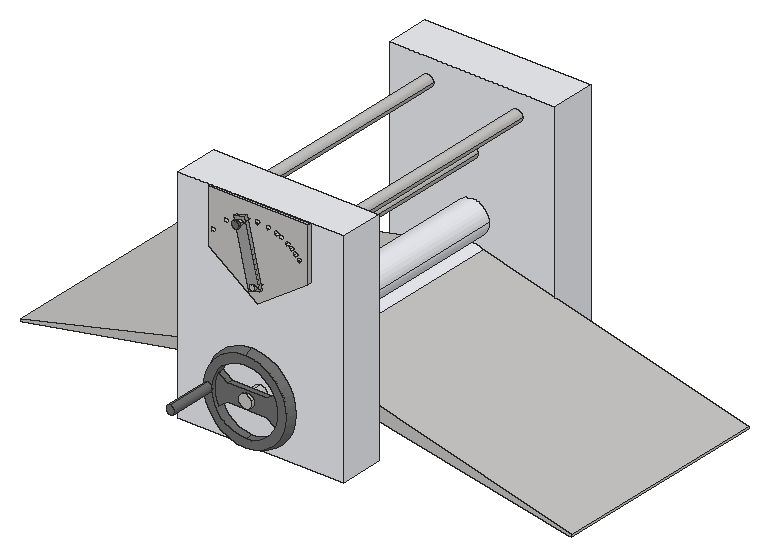
Revit family "QF_ELECTROLUXPROFESSIONAL_603531_LMP400", category Specialty Equipment, Revit 2018
Family settings
  Round Connector Dimension = Use Diameter
  Part Type = Normal
  Work Plane-Based = No
  Always vertical = Yes
  Cut with Voids When Loaded = No
  Shared = No
  Room Calculation Point = No
Parameters
  Weight = 35.00 kg
  Watts = 0 W
  Volts = 0 V
  URL Manufacturer = ""
  URL = ""
  Steam Supply Size = 0 mm
  Steam Supply Minimum Pressure = 0.0 Pa
  Steam Supply Maximum Pressure = 0.0 Pa
  Steam Pounds per Hour = 0
  Refrigeration Suction Line Size = 0 mm
  Refrigeration Liquid Line Size = 0 mm
  Refrigerant Compressor Remote = yes
  Manufacturer = ""
  Phase = 0
  Model = ""
  Length Actual = 1000 mm  # constant formula
  Item Number = ""
  Hot Water Size = 0 mm
  Height Actual = 400 mm  # constant formula
  HP = ""
  Gas Size = 0 mm
  Gas KW = 0
  Gas Input Pressure = 0 W
  Direct Waste Size = 0 mm
  Description = ""
  Depth Actual = 680 mm  # constant formula
  Cycle = 0 Hz
  Condensate Return Size = 0 mm
  Compressed Air Volume = 0.0 L/s
  Compressed Air Size = 0 mm
  Compressed Air Pressure = 0.0 Pa
  Cold Water Size = 0 mm
  Accessory = yes
Types (2, lengths in mm): name | URL Manufacturer | URL | Manufacturer | Model | Item Number | HP | Description
  (no name) | "" | "" | "" | "" | "" | "" | ""
  QF_ELECTROLUX_603531_LMP400 | "http://professional.electrolux.com" | "http://professional.electrolux.com" | "Electrolux" | "LMP400" | "603531" | "0 HP" | "HAND DOUGH SHEETER-REMOV.S/S FLAPS-400MM"
Reference planes
  plane 1 "Center (Front/Back)": y = 0
  plane 2: z = 0
  plane 3 "Center (Left/Right)": x = 0
  plane 4 "TOP": z = 400
  plane 5 "BACK": y = 280
  plane 6 "LEFT": x = -150
  plane 7 "RIGHT": x = 150
  plane 8 "FRONT": y = -400
Forms (mm)
  Extrusion 1, solid, material "QF_Finishes_White"
    sketch origin (0, 0, 0) x (1, 0, 0) y (0, 1, 0)
      loop
        line (150, 280) -> (-150, 280) -> (-150, 200) -> (150, 200) -> (150, 280)
      loop
        line (150, -280) -> (150, -200) -> (-150, -200) -> (-150, -280) -> (150, -280)
    from 0 to 400
  Extrusion 2, solid, material "QF_Finishes_Gray"
    sketch origin (-150, 12.55, 0) x (0, 1, 0) y (0, 0, 1)
      loop
        line (263.327, 58.711) -> (233.327, 58.711) -> (233.327, 8.711) -> (263.327, 8.711) -> (263.327, 58.711)
    from 0 to -1.6
  Extrusion 3, solid, material "QF_Finishes_Rubber Black"
    sketch origin (-150, 12.55, 0) x (0, 1, 0) y (0, 0, 1)
      loop
        circle (248.454, 34.755) r 8.44
    from 0 to -3.809
  Extrusion 4, solid, material "QF_Finishes_Rubber Black"
    sketch origin (-150, 12.55, 0) x (0, 1, 0) y (0, 0, 1)
      loop
        line (252.454, 46.314) -> (244.454, 46.314) -> (244.454, 16.314) -> (252.454, 16.314) -> (252.454, 46.314)
    from 0 to -8.342
  Extrusion 5, solid, material "QF_Finishes_Stainless Steel"
    sketch origin (-150, 32.851, 0) x (0, 1, 0) y (0, 0, 1)
      loop
        circle (184.907, 25.948) r 13.612
      loop
        circle (184.907, 25.948) r 10
    from 0 to -1.6
  Extrusion 6, solid, material "QF_Finishes_Stainless Steel"
    sketch origin (-150, 32.851, 0) x (0, 1, 0) y (0, 0, 1)
      loop
        circle (184.907, 25.948) r 10
    from -3.809 to 0
  Extrusion 7, solid, material "QF_Finishes_Stainless Steel"
    sketch origin (0, -400, 0) x (0, 0, -1) y (-1, 0, 0)
      loop
        line (-240, 0) -> (-303.093, 90.107) -> (-400, 90.107) -> (-400, -90.107) -> (-303.093, -90.107) -> (-240, 0)
      loop
        circle (-333.078, 80.372) r 4
      loop
        circle (-356.191, 57.259) r 4
      loop
        circle (-365.961, 37.229) r 4
      loop
        circle (-370.5, 22.708) r 4
      loop
        circle (-373.093, 0) r 4
      loop
        circle (-371.13, -19.792) r 4
      loop
        circle (-366.871, -34.852) r 4
      loop
        circle (-363.386, -43.143) r 4
      loop
        circle (-356.785, -54.948) r 4
      loop
        circle (-351.792, -62.079) r 4
      loop
        circle (-344.721, -69.15) r 4
      loop
        circle (-337.65, -76.221) r 4
      loop
        circle (-272.37, 0) r 5
    from 114 to 120
  Extrusion 8, solid, material "QF_Finishes_Stainless Steel"
    sketch origin (0, 0, 0) x (1, 0, 0) y (0, 0, 1)
      loop
        line (-500, 2.144) -> (-500, 0) -> (-495.019, 0) -> (-32.696, 88.038)
        arc (-32.696, 88.038) -> (-31.789, 106.71) -> (-21.047, 122.009) r 33.606
        line (-21.047, 122.009) -> (-500, 2.144)
      loop
        line (500, 2.144) -> (21.047, 122.009)
        arc (21.047, 122.009) -> (31.789, 106.71) -> (32.696, 88.038) r 33.606
        line (32.696, 88.038) -> (495.019, 0) -> (500, 0) -> (500, 2.144)
    from -200 to 200
  Extrusion 9, solid, material "QF_Finishes_Stainless Steel"
    sketch origin (0, -280, 0) x (-1, 0, 0) y (0, 0, 1)
      loop
        circle (0, 273.767) r 10
      loop
        circle (80.854, 361.107) r 10
      loop
        circle (-80.854, 361.107) r 10
    from 80 to 480
  Extrusion 10, solid, material "QF_Finishes_Gray"
    sketch origin (0, -400, 0) x (0, 0, -1) y (-1, 0, 0)
      loop
        line (-267.899, -11.299) -> (-263.39, 8.186) -> (-377.284, 34.542) -> (-381.793, 15.057) -> (-267.899, -11.299)
      loop
        circle (-370.5, 22.708) r 4
      loop
        circle (-272.37, 0) r 5
    from 103 to 108
  Extrusion 11, solid, material "QF_Finishes_Stainless Steel"
    sketch origin (0, -400, 0) x (0, 0, -1) y (-1, 0, 0)
      loop
        circle (-272.37, 0) r 5
    from 120 to 100.7
  Extrusion 12, solid, material "QF_Finishes_Rubber Black"
    sketch origin (0, -400, 0) x (0, 0, -1) y (-1, 0, 0)
      loop
        circle (-370.5, 22.708) r 6.807
    from 91.374 to 93.608
  Blend 13, solid, material "QF_Finishes_Rubber Black"
    base sketch origin (0, -400, 0) x (0, 0, -1) y (-1, 0, 0)
      loop
        circle (-94.156, 0) r 80
    top sketch origin (0, -400, 0) x (0, 0, -1) y (-1, 0, 0)
      loop
        circle (-94.156, 0) r 75
    from 100 to 85
  Extrusion 14, void
    sketch origin (0, -400, 0) x (0, 0, -1) y (-1, 0, 0)
      loop
        circle (-94.156, 0) r 60
    from 85 to 100
  Extrusion 15, solid, material "QF_Finishes_Rubber Black"
    sketch origin (0, -400, 0) x (0, 0, -1) y (-1, 0, 0)
      loop
        circle (-94.156, 0) r 11.917
      loop
        line (-110.181, 35.63) -> (-110.181, -35.63) -> (-130.981, -65.337)
        arc (-130.981, -65.337) -> (-94.455, -74.999) -> (-57.852, -65.628) r 75
        line (-57.852, -65.628) -> (-78.857, -35.63) -> (-78.857, 35.63) -> (-57.852, 65.628)
        arc (-57.852, 65.628) -> (-94.455, 74.999) -> (-130.981, 65.337) r 75
        line (-130.981, 65.337) -> (-110.181, 35.63)
    from 90 to 100
  Extrusion 16, solid, material "QF_Finishes_Rubber Black"
    sketch origin (0, -400, 0) x (0, 0, -1) y (-1, 0, 0)
      loop
        circle (-94.156, 67.5) r 7.753
    from 0 to 85
  Extrusion 17, solid, material "QF_Finishes_Stainless Steel"
    sketch origin (0, -400, 0) x (0, 0, -1) y (-1, 0, 0)
      loop
        circle (-94.156, 0) r 11.917
    from 85 to 120
  Extrusion 18, solid, material "QF_Finishes_White"
    sketch origin (0, -280, 0) x (-1, 0, 0) y (0, 0, 1)
      loop
        circle (0, 168.203) r 30
      loop
        circle (0, 97.276) r 30
    from 80 to 480
  Extrusion 19, solid, material "QF_Finishes_Stainless Steel"
    sketch origin (0, -280, 0) x (-1, 0, 0) y (0, 0, 1)
      loop
        circle (22.708, 370.5) r 4
    from 0 to -26.392
Cuts and joins
  Extrusion 14 cuts Extrusion 1
  Extrusion 14 cuts Extrusion 8
  Extrusion 14 cuts Extrusion 9
  Extrusion 14 cuts Blend 13
Lines and regions (mm)
  symbolic lines
    curve 1: line (-150, -200, 0) -> (150, -200, 0)
    curve 2: line (-150, -280, 0) -> (-150, -200, 0)
    curve 3: line (150, -280, 0) -> (-150, -280, 0)
    curve 4: line (150, -200, 0) -> (150, -280, 0)
    curve 5: line (-75.253, -315, 0) -> (75, -315, 0)
    curve 6: line (-75.253, -400, 0) -> (-75.253, -315, 0)
    curve 7: line (-59.747, -400, 0) -> (-75.253, -400, 0)
    curve 8: line (-59.747, -315, 0) -> (-59.747, -400, 0)
    curve 9: line (-29.515, -308.626, 0) -> (-15.9, -308.626, 0)
    curve 10: line (-29.515, -306.392, 0) -> (-29.515, -308.626, 0)
    curve 11: line (-15.9, -306.392, 0) -> (-29.515, -306.392, 0)
    curve 12: line (-15.9, -308.626, 0) -> (-15.9, -306.392, 0)
    curve 13: line (-34.542, -297, 0) -> (11.299, -297, 0)
    curve 14: line (-34.542, -292, 0) -> (-34.542, -297, 0)
    curve 15: line (11.299, -292, 0) -> (-34.542, -292, 0)
    curve 16: line (11.299, -297, 0) -> (11.299, -292, 0)
    curve 17: line (-150, 280, 0) -> (150, 280, 0)
    curve 18: line (-150, 200, 0) -> (-150, 280, 0)
    curve 19: line (150, 200, 0) -> (-150, 200, 0)
    curve 20: line (150, 280, 0) -> (150, 200, 0)
    curve 21: line (-158.342, 265.003, 0) -> (-151.6, 265.003, 0)
    curve 22: line (-158.342, 257.003, 0) -> (-158.342, 265.003, 0)
    curve 23: line (-151.6, 257.003, 0) -> (-158.342, 257.003, 0)
    curve 24: line (-151.6, 275.877, 0) -> (-151.6, 245.877, 0)
    curve 25: line (-153.809, 207.758, 0) -> (-153.809, 227.758, 0)
    curve 26: line (-153.809, 227.758, 0) -> (-151.6, 227.758, 0)
    curve 27: line (-153.809, 207.758, 0) -> (-151.6, 207.758, 0)
    curve 28: line (-151.6, 204.146, 0) -> (-151.6, 231.37, 0)
    curve 29: line (-151.6, 231.37, 0) -> (-150, 231.37, 0)
    curve 30: line (-151.6, 204.146, 0) -> (-150, 204.146, 0)
    curve 31: line (-151.6, 275.877, 0) -> (-150, 275.877, 0)
    curve 32: line (-151.6, 245.877, 0) -> (-150, 245.877, 0)
    curve 33: line (-153.809, 269.444, 0) -> (-151.6, 269.444, 0)
    curve 34: line (-153.809, 252.563, 0) -> (-151.6, 252.563, 0)
    curve 35: line (-90.107, -280, 0) -> (-90.107, -286, 0)
    curve 36: line (-90.107, -286, 0) -> (90.107, -286, 0)
    curve 37: line (90.107, -286, 0) -> (90.107, -280, 0)
    curve 38: line (75, -315, 0) -> (80, -300, 0)
    curve 39: line (80, -300, 0) -> (-18.715, -300, 0)
    curve 40: line (-26.83, -300, 0) -> (-80, -300, 0)
    curve 41: line (-80, -300, 0) -> (-75.253, -315, 0)
    curve 42: line (-26.83, -306.392, 0) -> (-26.83, -297, 0)
    curve 43: line (-18.715, -306.392, 0) -> (-18.715, -297, 0)
    curve 44: line (-11.885, -300, 0) -> (-11.885, -297, 0)
    curve 45: line (-5, -299.3, 0) -> (-5, -297, 0)
    curve 46: line (5, -299.3, 0) -> (5, -297, 0)
    curve 47: line (5, -299.3, 0) -> (-5, -299.3, 0)
    curve 48: line (-26.83, -292, 0) -> (-26.83, -286, 0)
    curve 49: line (-18.715, -292, 0) -> (-18.715, -286, 0)
    curve 50: line (-5, -292, 0) -> (-5, -286, 0)
    curve 51: line (5, -292, 0) -> (5, -286, 0)
    curve 52: line (-11.887, -286, 0) -> (-11.887, -292, 0)
    curve 53: line (-15.057, -292, 0) -> (-15.057, -297, 0)
    curve 54: line (-90.852, -200, 0) -> (-90.852, 200, 0)
    curve 55: line (-70.852, -200, 0) -> (-70.852, 200, 0)
    curve 56: line (-30.045, -200, 0) -> (-30.045, 200, 0)
    curve 57: line (-10.045, -200, 0) -> (-10.045, 200, 0)
    curve 58: line (9.955, -200, 0) -> (9.955, 200, 0)
    curve 59: line (29.955, -200, 0) -> (29.955, 200, 0)
    curve 60: line (70.802, -200, 0) -> (70.802, 200, 0)
    curve 61: line (90.554, -200, 0) -> (90.554, 200, 0)
Dimensions and locks
  plane 4 "TOP" to level = 400 mm  (x2)
  equal spacing: plane 6 "LEFT", plane 3 "Center (Left/Right)", plane 7 "RIGHT"
  plane 6 "LEFT" to plane 7 "RIGHT" = 300 mm
  Extrusion 8 to Extrusion 8 = 1000 mm  (x2)
  plane 1 "Center (Front/Back)" to plane 5 "BACK" = 280 mm
  locked: cut or joined group of Extrusion 1, Extrusion 14 to cut or joined group of Extrusion 1, Extrusion 14 at 400
  locked: cut or joined group of Extrusion 1, Extrusion 14 to cut or joined group of Extrusion 1, Extrusion 14 at 80
  plane 5 "BACK" to plane 8 "FRONT" = 680 mm  (x2)
  cut or joined group of Extrusion 1, Extrusion 14 to plane 8 "FRONT" = 120 mm
  cut or joined group of Extrusion 1, Extrusion 14 to cut or joined group of Extrusion 1, Extrusion 14 = 400 mm
  plane 5 "BACK" to plane 1 "Center (Front/Back)" to cut or joined group of Extrusion 1, Extrusion 14 = 280 mm, 280 mm
  plane 8 "FRONT" to cut or joined group of Extrusion 1, Extrusion 14 = 120 mm
  aligned and locked: level to plane 2
Automatic sketch dimensions
  Extrusion 8 sketch curve to Extrusion 8 sketch curve = 0 mm  (x3)
  Extrusion 8 sketch curve to level = 0 mm  (x2)
  Extrusion 8 sketch curve to plane 3 "Center (Left/Right)" = 0 mm
  Extrusion 8 sketch curve to plane 3 "Center (Left/Right)" = 21.047 mm
  Extrusion 8 sketch curve to plane 3 "Center (Left/Right)" = 32.696 mm
  Extrusion 8 sketch curve to plane 6 "LEFT" = 345.019 mm
  level to Extrusion 8 sketch curve = 2.144 mm
  Extrusion 8 sketch curve to Extrusion 8 sketch curve = 4.981 mm  (x2)
  plane 3 "Center (Left/Right)" to Extrusion 8 sketch curve = 21.047 mm
  plane 3 "Center (Left/Right)" to Extrusion 8 sketch curve = 32.696 mm
  Extrusion 8 sketch curve to plane 7 "RIGHT" = 345.019 mm
  Extrusion 8 sketch curve to Extrusion 8 sketch curve = 2.144 mm
  level to Extrusion 8 sketch curve = 88.038 mm
  Extrusion 8 sketch curve to Extrusion 8 sketch curve = 7.771 mm
  Extrusion 9 sketch curve to plane 3 "Center (Left/Right)" = 0 mm
  plane 7 "RIGHT" to Extrusion 9 sketch curve = 69.146 mm
  plane 6 "LEFT" to Extrusion 9 sketch curve = 69.146 mm
  Extrusion 9 sketch curve to plane 4 "TOP" = 38.893 mm  (x2)
  Extrusion 18 sketch curve to plane 3 "Center (Left/Right)" = 0 mm  (x2)
  level to Extrusion 18 sketch curve = 97.276 mm
  Extrusion 18 sketch curve to Extrusion 18 sketch curve = 70.926 mm
  Extrusion 9 sketch curve to Extrusion 9 sketch curve = 87.341 mm
  Extrusion 7 sketch curve to plane 4 "TOP" = 0 mm
  Extrusion 7 sketch curve to plane 3 "Center (Left/Right)" = 0 mm  (x3)
  Extrusion 7 sketch curve to plane 4 "TOP" = 26.907 mm
  Extrusion 7 sketch curve to Extrusion 7 sketch curve = 1.964 mm
  Extrusion 7 sketch curve to Extrusion 7 sketch curve = 2.593 mm
  Extrusion 7 sketch curve to Extrusion 7 sketch curve = 4.258 mm
  Extrusion 7 sketch curve to Extrusion 7 sketch curve = 4.54 mm
  Extrusion 7 sketch curve to Extrusion 7 sketch curve = 3.486 mm
  Extrusion 7 sketch curve to Extrusion 7 sketch curve = 6.601 mm
  Extrusion 7 sketch curve to Extrusion 7 sketch curve = 9.769 mm
  Extrusion 7 sketch curve to Extrusion 7 sketch curve = 4.993 mm
  Extrusion 7 sketch curve to Extrusion 7 sketch curve = 7.071 mm  (x4)
  Extrusion 7 sketch curve to Extrusion 7 sketch curve = 23.113 mm  (x2)
  Extrusion 7 sketch curve to Extrusion 7 sketch curve = 34.557 mm
  Extrusion 7 sketch curve to Extrusion 7 sketch curve = 29.985 mm
  Extrusion 7 sketch curve to Extrusion 7 sketch curve = 30.723 mm
  Extrusion 7 sketch curve to Extrusion 7 sketch curve = 32.37 mm
  plane 3 "Center (Left/Right)" to Extrusion 7 sketch curve = 19.792 mm
  Extrusion 7 sketch curve to Extrusion 7 sketch curve = 15.06 mm
  Extrusion 7 sketch curve to Extrusion 7 sketch curve = 8.291 mm
  Extrusion 7 sketch curve to Extrusion 7 sketch curve = 11.805 mm
  Extrusion 7 sketch curve to Extrusion 7 sketch curve = 7.13 mm
  Extrusion 7 sketch curve to Extrusion 7 sketch curve = 13.886 mm
  Extrusion 7 sketch curve to plane 3 "Center (Left/Right)" = 22.708 mm
  Extrusion 7 sketch curve to Extrusion 7 sketch curve = 14.521 mm
  Extrusion 7 sketch curve to Extrusion 7 sketch curve = 20.03 mm
  Extrusion 7 sketch curve to Extrusion 7 sketch curve = 9.734 mm
  Extrusion 10 sketch curve to plane 3 "Center (Left/Right)" = 0 mm
  Extrusion 10 sketch curve to plane 4 "TOP" = 18.207 mm
  Extrusion 10 sketch curve to Extrusion 10 sketch curve = 4.509 mm
  Extrusion 10 sketch curve to Extrusion 10 sketch curve = 6.783 mm
  Extrusion 10 sketch curve to Extrusion 10 sketch curve = 98.13 mm
  plane 3 "Center (Left/Right)" to Extrusion 10 sketch curve = 11.299 mm
  Extrusion 10 sketch curve to Extrusion 10 sketch curve = 4.472 mm
  Extrusion 10 sketch curve to plane 3 "Center (Left/Right)" = 8.186 mm
  Extrusion 10 sketch curve to Extrusion 10 sketch curve = 11.834 mm
  Extrusion 11 sketch curve to plane 3 "Center (Left/Right)" = 0 mm
  Extrusion 11 sketch curve to plane 4 "TOP" = 127.63 mm
  Extrusion 12 sketch curve to plane 4 "TOP" = 29.5 mm
  Extrusion 12 sketch curve to plane 3 "Center (Left/Right)" = 22.708 mm
  Blend 13 sketch curve to plane 3 "Center (Left/Right)" = 0 mm  (x2)
  level to Blend 13 sketch curve = 94.156 mm  (x2)
  Extrusion 14 sketch curve to plane 3 "Center (Left/Right)" = 0 mm
  level to Extrusion 14 sketch curve = 94.156 mm
  Extrusion 15 sketch curve to Extrusion 15 sketch curve = 0 mm  (x9)
  Extrusion 15 sketch curve to plane 3 "Center (Left/Right)" = 0 mm
  level to Extrusion 15 sketch curve = 130.981 mm
  Extrusion 15 sketch curve to Extrusion 15 sketch curve = 20.801 mm
  Extrusion 15 sketch curve to Extrusion 15 sketch curve = 16.024 mm
  Extrusion 15 sketch curve to plane 3 "Center (Left/Right)" = 35.63 mm
  Extrusion 15 sketch curve to Extrusion 15 sketch curve = 31.324 mm
  Extrusion 15 sketch curve to Extrusion 15 sketch curve = 21.005 mm  (x2)
  plane 3 "Center (Left/Right)" to Extrusion 15 sketch curve = 35.63 mm
  Extrusion 15 sketch curve to Extrusion 15 sketch curve = 29.707 mm  (x2)
  level to Extrusion 16 sketch curve = 94.156 mm
  Extrusion 16 sketch curve to plane 3 "Center (Left/Right)" = 67.5 mm
  Extrusion 17 sketch curve to plane 3 "Center (Left/Right)" = 0 mm
  level to Extrusion 17 sketch curve = 94.156 mm
  Extrusion 19 sketch curve to plane 3 "Center (Left/Right)" = 22.708 mm
  Extrusion 19 sketch curve to plane 4 "TOP" = 29.5 mm
  curve 30 to plane 6 "LEFT" = 0 mm
  curve 3 to plane 6 "LEFT" = 0 mm
  curve 6 to plane 8 "FRONT" = 0 mm
  curve 3 to plane 7 "RIGHT" = 0 mm
  curve 20 to plane 7 "RIGHT" = 0 mm
  curve 17 to plane 5 "BACK" = 0 mm
  curve 24 to plane 6 "LEFT" = 1.6 mm
  curve 28 to plane 6 "LEFT" = 1.6 mm
  curve 26 to curve 26 = 2.209 mm
  curve 23 to curve 23 = 6.742 mm
  plane 6 "LEFT" to curve 36 = 59.893 mm
  curve 35 to curve 40 = 10.107 mm
  plane 6 "LEFT" to curve 6 = 74.747 mm
  curve 6 to curve 8 = 15.506 mm
  curve 8 to curve 14 = 25.205 mm
  curve 13 to curve 9 = 5.027 mm
  curve 10 to curve 11 = 13.615 mm
  curve 47 to plane 3 "Center (Left/Right)" = 5 mm
  plane 3 "Center (Left/Right)" to curve 47 = 5 mm
  curve 46 to curve 16 = 6.299 mm
  curve 13 to curve 5 = 63.701 mm
  curve 5 to curve 38 = 5 mm
  curve 38 to curve 37 = 10.107 mm
  plane 8 "FRONT" to curve 38 = 85 mm
  curve 8 to curve 9 = 6.374 mm
  curve 9 to curve 12 = 2.234 mm
  curve 5 to curve 40 = 15 mm
  curve 5 to curve 39 = 15 mm
  curve 44 to curve 45 = 0.7 mm
  curve 46 to curve 16 = 2.3 mm
  curve 13 to curve 15 = 5 mm
  curve 40 to curve 35 = 14 mm
  curve 35 to curve 2 = 6 mm
  curve 3 to curve 4 = 80 mm
  curve 20 to plane 5 "BACK" = 80 mm
  curve 18 to curve 28 = 4.146 mm
  curve 28 to curve 25 = 3.612 mm
  curve 25 to curve 25 = 20 mm
  curve 26 to curve 29 = 3.612 mm
  curve 28 to curve 24 = 14.507 mm
  curve 24 to curve 22 = 11.126 mm
  curve 22 to curve 22 = 8 mm
  curve 31 to plane 5 "BACK" = 4.123 mm
  curve 34 to curve 34 = 2.209 mm
  curve 33 to curve 33 = 2.209 mm
  plane 6 "LEFT" to curve 54 = 59.148 mm
  curve 54 to curve 55 = 20 mm
  curve 56 to plane 3 "Center (Left/Right)" = 30.045 mm
  curve 10 to curve 42 = 2.686 mm
  curve 14 to curve 48 = 7.712 mm
  curve 43 to curve 11 = 2.814 mm
  curve 48 to curve 49 = 8.115 mm
  curve 43 to curve 53 = 3.658 mm
  curve 53 to curve 52 = 3.17 mm
  curve 53 to curve 44 = 3.172 mm
  curve 57 to plane 3 "Center (Left/Right)" = 10.045 mm
  curve 50 to plane 3 "Center (Left/Right)" = 5 mm
  plane 3 "Center (Left/Right)" to curve 51 = 5 mm
  plane 3 "Center (Left/Right)" to curve 58 = 9.955 mm
  curve 58 to curve 59 = 20 mm
  curve 59 to curve 60 = 40.848 mm
  curve 60 to curve 61 = 19.751 mm
  curve 34 to curve 23 = 4.44 mm
  curve 21 to curve 33 = 4.44 mm
  Extrusion 1 sketch curve to plane 6 "LEFT" = 0 mm  (x2)
  Extrusion 1 sketch curve to plane 7 "RIGHT" = 0 mm  (x2)
  Extrusion 1 sketch curve to plane 5 "BACK" = 0 mm
  Extrusion 1 sketch curve to plane 5 "BACK" = 80 mm
  plane 1 "Center (Front/Back)" to Extrusion 1 sketch curve = 200 mm
  Extrusion 1 sketch curve to Extrusion 1 sketch curve = 80 mm
  Extrusion 2 sketch curve to plane 5 "BACK" = 34.123 mm
  Extrusion 2 sketch curve to plane 5 "BACK" = 4.123 mm
  level to Extrusion 2 sketch curve = 8.711 mm
  Extrusion 2 sketch curve to Extrusion 2 sketch curve = 50 mm
  Extrusion 3 sketch curve to plane 5 "BACK" = 18.997 mm
  level to Extrusion 3 sketch curve = 34.755 mm
  Extrusion 4 sketch curve to plane 5 "BACK" = 22.997 mm
  Extrusion 4 sketch curve to Extrusion 4 sketch curve = 8 mm
  level to Extrusion 4 sketch curve = 16.314 mm
  Extrusion 4 sketch curve to Extrusion 4 sketch curve = 30 mm
  Extrusion 5 sketch curve to Extrusion 5 sketch curve = 0 mm  (x2)
  level to Extrusion 5 sketch curve = 25.948 mm
  Extrusion 5 sketch curve to plane 5 "BACK" = 62.242 mm
  level to Extrusion 6 sketch curve = 25.948 mm
  Extrusion 6 sketch curve to plane 5 "BACK" = 62.242 mm
  radius of Extrusion 9 sketch curve = 10 mm  (x3)
  radius of Extrusion 18 sketch curve = 30 mm  (x2)
  radius of Extrusion 7 sketch curve = 4 mm  (x12)
  radius of Extrusion 7 sketch curve = 5 mm
  radius of Extrusion 10 sketch curve = 4 mm
  radius of Extrusion 10 sketch curve = 5 mm
  radius of Extrusion 11 sketch curve = 5 mm
  radius of Extrusion 12 sketch curve = 6.807 mm
  radius of Blend 13 sketch curve = 80 mm
  radius of Blend 13 sketch curve = 75 mm
  radius of Extrusion 14 sketch curve = 60 mm
  radius of Extrusion 15 sketch curve = 11.917 mm
  radius of Extrusion 16 sketch curve = 7.753 mm
  radius of Extrusion 17 sketch curve = 11.917 mm
  radius of Extrusion 19 sketch curve = 4 mm
  radius of Extrusion 3 sketch curve = 8.44 mm
  radius of Extrusion 5 sketch curve = 13.612 mm
  radius of Extrusion 5 sketch curve = 10 mm
  radius of Extrusion 6 sketch curve = 10 mm
Connectors
  electrical at (-153.809, 217.758, 25.948)
    settings: on Extrusion 6, index 1, voltage 0 V, apparent load 0 VA, apparent load phase1 0 VA, apparent load phase2 0 VA, apparent load phase3 0 VA, power factor 1, load classification "Other", number of poles 1, system type 31, power factor state 1, is connector primary yes, connector utility no, sub classification motor no, connector description ""
